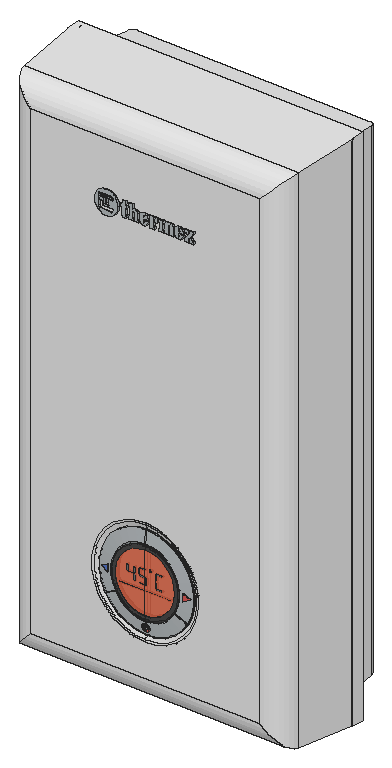
Revit family "THERMEX TOPFLOW PRO", category Оборудование, Revit 2017 (continued)
Definition of nested family "ЛОГО_TOP_FLOW_PRO_100мм"
  Forms (mm)
    Extrusion 2, solid
      sketch origin (50.234, -63.022, 0) x (1, 0, 0) y (0, 1, 0)
        loop
          spline (-66.465, 61.47) -> (-66.481, 61.261) -> (-66.525, 61.066) -> (-66.595, 60.899) -> (-66.687, 60.771) -> (-66.794, 60.69) -> (-66.909, 60.662) -> (-67.024, 60.69) -> (-67.131, 60.771) -> (-67.223, 60.899) -> (-67.293, 61.066) -> (-67.337, 61.261) -> (-67.352, 61.47)
          line (-67.352, 61.47) -> (-67.352, 67.011) -> (-66.121, 67.011) -> (-66.121, 69.254) -> (-67.357, 69.254) -> (-67.357, 72.453) -> (-69.653, 72.453) -> (-69.653, 70.28)
          arc (-69.653, 70.28) -> (-69.87, 69.705) -> (-70.413, 69.416) r 0.872
          line (-70.413, 69.416) -> (-71.657, 69.254) -> (-71.657, 67.002) -> (-70.751, 67.002) -> (-70.751, 61.47)
          arc (-70.751, 61.47) -> (-68.161, 58.88) -> (-65.571, 61.47) r 2.59
          line (-65.571, 61.47) -> (-66.465, 61.47)
        loop
          circle (-84.679, 65.559) r 10.709
        loop
          arc (-91.376, 60.802) -> (-90.868, 59.576) -> (-89.643, 59.069) r 1.733
          line (-89.643, 59.069) -> (-79.693, 59.069)
          arc (-79.693, 59.069) -> (-78.467, 59.577) -> (-77.96, 60.802) r 1.733
          line (-77.96, 60.802) -> (-77.96, 62.342) -> (-88.007, 62.342) -> (-88.007, 66.696) -> (-91.376, 66.696) -> (-91.376, 60.802)
        loop
          line (-86.682, 68.119) -> (-86.682, 63.691) -> (-82.669, 63.691) -> (-82.669, 68.119) -> (-77.951, 68.119) -> (-77.951, 70.347)
          arc (-77.951, 70.347) -> (-78.483, 71.633) -> (-79.77, 72.166) r 1.819
          line (-79.77, 72.166) -> (-89.565, 72.166)
          arc (-89.565, 72.166) -> (-90.863, 71.629) -> (-91.401, 70.331) r 1.835
          line (-91.401, 70.331) -> (-91.401, 68.119) -> (-86.682, 68.119)
        loop
          line (-79.77, 70.917) -> (-89.576, 70.917)
          arc (-89.576, 70.917) -> (-89.99, 70.745) -> (-90.162, 70.331) r 0.586
          line (-90.162, 70.331) -> (-90.162, 69.369) -> (-85.449, 69.369) -> (-85.449, 64.941) -> (-83.908, 64.941) -> (-83.908, 69.369) -> (-79.189, 69.369) -> (-79.189, 70.336)
          arc (-79.189, 70.336) -> (-79.359, 70.747) -> (-79.77, 70.917) r 0.581
        loop
          line (-51.16, 63.535) -> (-46.627, 63.535) -> (-46.627, 64.865)
          arc (-46.627, 64.865) -> (-50.666, 68.905) -> (-54.705, 64.865) r 4.039
          line (-54.705, 64.865) -> (-54.705, 62.852)
          arc (-54.705, 62.852) -> (-50.685, 58.832) -> (-46.664, 62.852) r 4.021
          line (-46.664, 62.852) -> (-49.6, 62.852)
          arc (-49.6, 62.852) -> (-49.651, 62.091) -> (-49.864, 61.358) r 3.54
          arc (-49.864, 61.358) -> (-50.509, 60.996) -> (-51.011, 61.541) r 0.597
          line (-51.011, 61.541) -> (-51.16, 63.535)
        loop
          line (-51.199, 65.329) -> (-49.758, 65.329) -> (-49.979, 66.482)
          arc (-49.979, 66.482) -> (-50.504, 66.909) -> (-51.016, 66.466) r 0.527
          line (-51.016, 66.466) -> (-51.199, 65.329)
      from -1.197 to 1
  Dimensions and locks
    plane 5 to plane 4 = 525.875 mm
    plane 6 to plane 5 = 1.00 mm
    aligned and locked: plane 2 to Extrusion 1
    aligned and locked: level to Extrusion 1
    aligned and locked: Extrusion 2 to plane 5
  Automatic sketch dimensions
    Extrusion 1 sketch curve to Extrusion 1 sketch curve = 2438.40 mm  (x2)
    Extrusion 2 sketch curve to plane 1 "По центру (Вперед/Назад)" = 5.097 mm  (x2)
    Extrusion 2 sketch curve to plane 3 "По центру (Влево/Вправо)" = 41.166 mm
    plane 1 "По центру (Вперед/Назад)" to Extrusion 2 sketch curve = 2.221 mm
    Extrusion 2 sketch curve to Extrusion 2 sketch curve = 0.025 mm
    Extrusion 2 sketch curve to Extrusion 2 sketch curve = 1.239 mm  (x3)
    Extrusion 2 sketch curve to Extrusion 2 sketch curve = 1.733 mm  (x2)
    Extrusion 2 sketch curve to Extrusion 2 sketch curve = 0.586 mm
    Extrusion 2 sketch curve to Extrusion 2 sketch curve = 0.01 mm
    plane 1 "По центру (Вперед/Назад)" to Extrusion 2 sketch curve = 0.68 mm
    Extrusion 2 sketch curve to Extrusion 2 sketch curve = 1.637 mm
    Extrusion 2 sketch curve to plane 1 "По центру (Вперед/Назад)" = 0.669 mm
    Extrusion 2 sketch curve to Extrusion 2 sketch curve = 1.325 mm
    Extrusion 2 sketch curve to Extrusion 2 sketch curve = 1.232 mm  (x2)
    Extrusion 2 sketch curve to Extrusion 2 sketch curve = 0.771 mm
    Extrusion 2 sketch curve to Extrusion 2 sketch curve = 1.541 mm
    Extrusion 2 sketch curve to Extrusion 2 sketch curve = 2.899 mm
    Extrusion 2 sketch curve to Extrusion 2 sketch curve = 0.00 mm  (x7)
    Extrusion 2 sketch curve to Extrusion 2 sketch curve = 2.977 mm
    Extrusion 2 sketch curve to Extrusion 2 sketch curve = 0.581 mm
    Extrusion 2 sketch curve to Extrusion 2 sketch curve = 6.294 mm
    Extrusion 2 sketch curve to Extrusion 2 sketch curve = 0.906 mm
    Extrusion 2 sketch curve to Extrusion 2 sketch curve = 1.132 mm
    Extrusion 2 sketch curve to plane 1 "По центру (Вперед/Назад)" = 6.393 mm
    Extrusion 2 sketch curve to Extrusion 2 sketch curve = 0.112 mm
    Extrusion 2 sketch curve to Extrusion 2 sketch curve = 0.872 mm
    Extrusion 2 sketch curve to Extrusion 2 sketch curve = 2.59 mm
    Extrusion 2 sketch curve to Extrusion 2 sketch curve = 2.297 mm
    Extrusion 2 sketch curve to Extrusion 2 sketch curve = 0.809 mm
    Extrusion 2 sketch curve to Extrusion 2 sketch curve = 0.887 mm
    Extrusion 2 sketch curve to Extrusion 2 sketch curve = 1.235 mm
    Extrusion 2 sketch curve to Extrusion 2 sketch curve = 0.811 mm
    Extrusion 2 sketch curve to Extrusion 2 sketch curve = 1.375 mm
    Extrusion 2 sketch curve to Extrusion 2 sketch curve = 0.177 mm
    Extrusion 2 sketch curve to Extrusion 2 sketch curve = 0.183 mm  (x2)
    Extrusion 2 sketch curve to Extrusion 2 sketch curve = 0.66 mm
    Extrusion 2 sketch curve to Extrusion 2 sketch curve = 3.208 mm
    Extrusion 2 sketch curve to Extrusion 2 sketch curve = 3.272 mm
    Extrusion 2 sketch curve to Extrusion 2 sketch curve = 0.451 mm
    Extrusion 2 sketch curve to Extrusion 2 sketch curve = 0.666 mm
    Extrusion 2 sketch curve to Extrusion 2 sketch curve = 0.687 mm
    Extrusion 2 sketch curve to Extrusion 2 sketch curve = 0.074 mm
    Extrusion 2 sketch curve to Extrusion 2 sketch curve = 0.411 mm  (x5)
    Extrusion 2 sketch curve to Extrusion 2 sketch curve = 0.325 mm
    plane 1 "По центру (Вперед/Назад)" to Extrusion 2 sketch curve = 1.42 mm  (x2)
    Extrusion 2 sketch curve to Extrusion 2 sketch curve = 3.192 mm
    Extrusion 2 sketch curve to Extrusion 2 sketch curve = 0.658 mm
    Extrusion 2 sketch curve to Extrusion 2 sketch curve = 0.169 mm
    Extrusion 2 sketch curve to Extrusion 2 sketch curve = 1.379 mm
    plane 1 "По центру (Вперед/Назад)" to Extrusion 2 sketch curve = 0.317 mm  (x2)
    Extrusion 2 sketch curve to Extrusion 2 sketch curve = 1.568 mm  (x2)
    Extrusion 2 sketch curve to Extrusion 2 sketch curve = 1.938 mm  (x2)
    Extrusion 2 sketch curve to plane 1 "По центру (Вперед/Назад)" = 0.513 mm  (x2)
    Extrusion 2 sketch curve to Extrusion 2 sketch curve = 0.039 mm  (x2)
    Extrusion 2 sketch curve to Extrusion 2 sketch curve = 0.184 mm
    plane 1 "По центру (Вперед/Назад)" to Extrusion 2 sketch curve = 1.482 mm  (x2)
    Extrusion 2 sketch curve to Extrusion 2 sketch curve = 0.149 mm  (x2)
    plane 1 "По центру (Вперед/Назад)" to Extrusion 2 sketch curve = 0.17 mm  (x2)
    Extrusion 2 sketch curve to Extrusion 2 sketch curve = 0.475 mm  (x2)
    Extrusion 2 sketch curve to Extrusion 2 sketch curve = 0.533 mm  (x2)
    Extrusion 2 sketch curve to Extrusion 2 sketch curve = 0.52 mm  (x2)
    Extrusion 2 sketch curve to Extrusion 2 sketch curve = 0.595 mm  (x2)
    Extrusion 2 sketch curve to plane 1 "По центру (Вперед/Назад)" = 3.459 mm
    Extrusion 2 sketch curve to Extrusion 2 sketch curve = 0.517 mm
    Extrusion 2 sketch curve to plane 1 "По центру (Вперед/Назад)" = 2.307 mm  (x2)
    Extrusion 2 sketch curve to Extrusion 2 sketch curve = 1.084 mm  (x2)
    plane 3 "По центру (Влево/Вправо)" to Extrusion 2 sketch curve = 4.406 mm  (x2)
    plane 3 "По центру (Влево/Вправо)" to Extrusion 2 sketch curve = 4.409 mm
    plane 3 "По центру (Влево/Вправо)" to Extrusion 2 sketch curve = 4.556 mm
    plane 3 "По центру (Влево/Вправо)" to Extrusion 2 sketch curve = 5.26 mm
    plane 3 "По центру (Влево/Вправо)" to Extrusion 2 sketch curve = 8.455 mm
    Extrusion 2 sketch curve to Extrusion 2 sketch curve = 3.25 mm
    Extrusion 2 sketch curve to Extrusion 2 sketch curve = 0.777 mm
    Extrusion 2 sketch curve to Extrusion 2 sketch curve = 0.797 mm  (x2)
    Extrusion 2 sketch curve to Extrusion 2 sketch curve = 1.269 mm
    Extrusion 2 sketch curve to Extrusion 2 sketch curve = 3.641 mm
    Extrusion 2 sketch curve to Extrusion 2 sketch curve = 3.634 mm
    Extrusion 2 sketch curve to Extrusion 2 sketch curve = 0.115 mm
    Extrusion 2 sketch curve to Extrusion 2 sketch curve = 0.102 mm
    Extrusion 2 sketch curve to Extrusion 2 sketch curve = 0.752 mm
    Extrusion 2 sketch curve to Extrusion 2 sketch curve = 4.045 mm
    Extrusion 2 sketch curve to Extrusion 2 sketch curve = 0.036 mm
    Extrusion 2 sketch curve to Extrusion 2 sketch curve = 0.457 mm  (x2)
    Extrusion 2 sketch curve to Extrusion 2 sketch curve = 0.65 mm  (x2)
    Extrusion 2 sketch curve to Extrusion 2 sketch curve = 0.675 mm  (x2)
    Extrusion 2 sketch curve to Extrusion 2 sketch curve = 0.051 mm  (x2)
    Extrusion 2 sketch curve to Extrusion 2 sketch curve = 0.737 mm
    Extrusion 2 sketch curve to Extrusion 2 sketch curve = 2.45 mm
    Extrusion 2 sketch curve to Extrusion 2 sketch curve = 0.481 mm
    Extrusion 2 sketch curve to Extrusion 2 sketch curve = 3.212 mm
    Extrusion 2 sketch curve to Extrusion 2 sketch curve = 0.747 mm
    Extrusion 2 sketch curve to Extrusion 2 sketch curve = 0.484 mm
    Extrusion 2 sketch curve to plane 1 "По центру (Вперед/Назад)" = 3.443 mm
    Extrusion 2 sketch curve to plane 1 "По центру (Вперед/Назад)" = 3.458 mm
    Extrusion 2 sketch curve to Extrusion 2 sketch curve = 0.026 mm
    Extrusion 2 sketch curve to Extrusion 2 sketch curve = 0.494 mm
    Extrusion 2 sketch curve to Extrusion 2 sketch curve = 0.313 mm
    Extrusion 2 sketch curve to Extrusion 2 sketch curve = 0.845 mm
    Extrusion 2 sketch curve to plane 1 "По центру (Вперед/Назад)" = 3.383 mm
    Extrusion 2 sketch curve to Extrusion 2 sketch curve = 0.727 mm
    plane 1 "По центру (Вперед/Назад)" to Extrusion 2 sketch curve = 1.408 mm
    Extrusion 2 sketch curve to Extrusion 2 sketch curve = 0.91 mm
    Extrusion 2 sketch curve to plane 1 "По центру (Вперед/Назад)" = 0.838 mm  (x2)
    Extrusion 2 sketch curve to Extrusion 2 sketch curve = 1.738 mm
    Extrusion 2 sketch curve to Extrusion 2 sketch curve = 2.808 mm
    plane 1 "По центру (Вперед/Назад)" to Extrusion 2 sketch curve = 1.185 mm
    Extrusion 2 sketch curve to Extrusion 2 sketch curve = 0.217 mm
    plane 1 "По центру (Вперед/Назад)" to Extrusion 2 sketch curve = 2.059 mm
    Extrusion 2 sketch curve to Extrusion 2 sketch curve = 4.283 mm
    Extrusion 2 sketch curve to plane 1 "По центру (Вперед/Назад)" = 2.986 mm
    Extrusion 2 sketch curve to Extrusion 2 sketch curve = 0.189 mm
    Extrusion 2 sketch curve to plane 1 "По центру (Вперед/Назад)" = 3.852 mm
    Extrusion 2 sketch curve to Extrusion 2 sketch curve = 1.41 mm
    Extrusion 2 sketch curve to plane 1 "По центру (Вперед/Назад)" = 2.969 mm
    Extrusion 2 sketch curve to Extrusion 2 sketch curve = 1.331 mm
    Extrusion 2 sketch curve to Extrusion 2 sketch curve = 1.772 mm
    Extrusion 2 sketch curve to Extrusion 2 sketch curve = 1.173 mm
    Extrusion 2 sketch curve to Extrusion 2 sketch curve = 0.941 mm
    Extrusion 2 sketch curve to plane 1 "По центру (Вперед/Назад)" = 1.864 mm
    plane 1 "По центру (Вперед/Назад)" to Extrusion 2 sketch curve = 0.276 mm
    plane 1 "По центру (Вперед/Назад)" to Extrusion 2 sketch curve = 4.185 mm  (x2)
    Extrusion 2 sketch curve to Extrusion 2 sketch curve = 4.015 mm
    Extrusion 2 sketch curve to Extrusion 2 sketch curve = 2.088 mm
    Extrusion 2 sketch curve to Extrusion 2 sketch curve = 2.13 mm
    plane 1 "По центру (Вперед/Назад)" to Extrusion 2 sketch curve = 2.091 mm
    plane 1 "По центру (Вперед/Назад)" to Extrusion 2 sketch curve = 2.083 mm
    plane 1 "По центру (Вперед/Назад)" to Extrusion 2 sketch curve = 2.055 mm  (x2)
    Extrusion 2 sketch curve to Extrusion 2 sketch curve = 1.885 mm
    plane 1 "По центру (Вперед/Назад)" to Extrusion 2 sketch curve = 2.05 mm
    plane 1 "По центру (Вперед/Назад)" to Extrusion 2 sketch curve = 2.048 mm  (x2)
    Extrusion 2 sketch curve to Extrusion 2 sketch curve = 0.008 mm
    Extrusion 2 sketch curve to Extrusion 2 sketch curve = 0.007 mm  (x2)
    Extrusion 2 sketch curve to Extrusion 2 sketch curve = 0.03 mm
    Extrusion 2 sketch curve to Extrusion 2 sketch curve = 0.503 mm
    Extrusion 2 sketch curve to plane 1 "По центру (Вперед/Назад)" = 1.843 mm
    Extrusion 2 sketch curve to Extrusion 2 sketch curve = 0.464 mm
    Extrusion 2 sketch curve to Extrusion 2 sketch curve = 1.25 mm  (x2)
    Extrusion 2 sketch curve to plane 1 "По центру (Вперед/Назад)" = 2.522 mm
    Extrusion 2 sketch curve to Extrusion 2 sketch curve = 0.619 mm
    Extrusion 2 sketch curve to plane 1 "По центру (Вперед/Назад)" = 2.671 mm
    Extrusion 2 sketch curve to plane 1 "По центру (Вперед/Назад)" = 2.809 mm
    Extrusion 2 sketch curve to plane 1 "По центру (Вперед/Назад)" = 3.018 mm
    Extrusion 2 sketch curve to Extrusion 2 sketch curve = 0.227 mm
    Extrusion 2 sketch curve to Extrusion 2 sketch curve = 0.365 mm
    Extrusion 2 sketch curve to Extrusion 2 sketch curve = 0.06 mm
    Extrusion 2 sketch curve to plane 1 "По центру (Вперед/Назад)" = 3.098 mm
    Extrusion 2 sketch curve to Extrusion 2 sketch curve = 1.423 mm
    Extrusion 2 sketch curve to Extrusion 2 sketch curve = 0.015 mm
    Extrusion 2 sketch curve to Extrusion 2 sketch curve = 2.252 mm
    Extrusion 2 sketch curve to plane 1 "По центру (Вперед/Назад)" = 3.989 mm
    Extrusion 2 sketch curve to Extrusion 2 sketch curve = 2.413 mm
    Extrusion 2 sketch curve to Extrusion 2 sketch curve = 1.984 mm
    Extrusion 2 sketch curve to Extrusion 2 sketch curve = 1.366 mm
    Extrusion 2 sketch curve to Extrusion 2 sketch curve = 1.992 mm  (x2)
    Extrusion 2 sketch curve to Extrusion 2 sketch curve = 0.785 mm
    Extrusion 2 sketch curve to Extrusion 2 sketch curve = 2.243 mm
    Extrusion 2 sketch curve to Extrusion 2 sketch curve = 0.497 mm
    Extrusion 2 sketch curve to Extrusion 2 sketch curve = 0.962 mm
    Extrusion 2 sketch curve to Extrusion 2 sketch curve = 2.083 mm
    Extrusion 2 sketch curve to Extrusion 2 sketch curve = 2.173 mm
    radius of Extrusion 2 sketch curve = 10.709 mm
Definition of nested family "РезьбаCоCбегами_Наруж_TOP_FLOW_PRO"
  Parameters (values of type "1/2" х 4")
    Погружение = 0.50 mm  # constant formula
    Default Elevation = 0.00 mm
    Z = 5
    TM_body = none
    P = 1.814 mm
    L = Z * P + P * 1.5  # 11.791 mm
    H = P * 0.96049  # 1.742 mm
    D2/2 = D2 / 2  # 9.896 mm
    D2 = 19.793 mm
    1/2P = P / 2  # 0.907 mm
  Reference planes
    plane 1 "По центру (Вперед/Назад)": y = 0
    plane 2: z = 0
    plane 3 "По центру (Влево/Вправо)": x = 0
    plane 4: x = -9.896
    plane 5 "1": z = -12.291
    plane 6 "2": z = -11.384
    plane 7: x = 9.897
    plane 8: x = -9.025
    plane 9: x = -10.768
    plane 10: x = 9.025
    plane 11: x = 10.768
    plane 12 "3": z = -10.477
    plane 13 "4": z = -9.57
    plane 14 "3A": z = -2.314
    plane 15 "2A": z = -1.407
    plane 16 "1A": z = -0.5
  Forms (mm)
    Extrusion 1, solid
      sketch origin (0, 0, 0) x (1, 0, 0) y (0, 1, 0)
        loop
          line (-1219.2, 1219.2) -> (-1219.2, -1219.2) -> (1219.2, -1219.2) -> (1219.2, 1219.2) -> (-1219.2, 1219.2)
      from 0 to -304.8
    SweptBlend 2, solid, material <- "TM_body"
      path origin (0, 0, -12.291) x (-1, 0, 0) y (0, -1, 0)
        loop
          arc (9.896, 0) -> (0, 9.897) -> (-9.897, 0) r 9.896
      profile origin (-9.896, 0, -12.291) x (1, 0, 0) y (0, 0, 1)
        loop
          line (0.871, 0.907) -> (0, 0) -> (0.871, 0) -> (0.871, 0.907)
      end profile origin (9.897, 0, -12.291) x (-1, 0, 0) y (0, 0, 1)
        loop
          line (0.871, 1.814) -> (-0.871, 0.907) -> (0.871, 0) -> (0.871, 1.814)
    SweptBlend 3, solid, material <- "TM_body"
      path origin (0, 0, -11.384) x (-1, 0, 0) y (0, -1, 0)
        loop
          arc (-9.897, 0) -> (0, -9.896) -> (9.896, 0) r 9.896
      profile origin (9.897, 0, -11.384) x (-1, 0, 0) y (0, 0, 1)
        loop
          line (0.871, 0.907) -> (-0.871, 0) -> (0.871, -0.907) -> (0.871, 0.907)
      end profile origin (-9.896, 0, -11.384) x (1, 0, 0) y (0, 0, 1)
        loop
          line (0.871, 1.814) -> (-0.871, 0.907) -> (0.871, 0) -> (0.871, 1.814)
    SweptBlend 4, solid, material <- "TM_body"
      path origin (0, 0, -0.5) x (-1, 0, 0) y (0, -1, 0)
        loop
          arc (-9.897, 0) -> (0, 9.897) -> (9.896, 0) r 9.896
      profile origin (9.897, 0, -0.5) x (1, 0, 0) y (0, 0, 1)
        loop
          line (-0.871, 0) -> (-0.871, -0.907) -> (0, 0) -> (-0.871, 0)
      end profile origin (-9.896, 0, -0.5) x (-1, 0, 0) y (0, 0, 1)
        loop
          line (-0.871, 0) -> (-0.871, -1.814) -> (0.871, -0.907) -> (-0.871, 0)
  Dimensions and locks
    equal spacing: plane 7, plane 3 "По центру (Влево/Вправо)", plane 4
    "D2": plane 7 to plane 4
    equal spacing: plane 8, plane 4, plane 9
    "H": plane 8 to plane 9
    equal spacing: plane 10, plane 3 "По центру (Влево/Вправо)", plane 8
    equal spacing: plane 11, plane 3 "По центру (Влево/Вправо)", plane 9
    "1/2P": plane 6 "2" to plane 5 "1"
    "1/2P": plane 16 "1A" to plane 15 "2A"
    "L": plane 16 "1A" to plane 5 "1"
    equal spacing: plane 16 "1A", plane 15 "2A", plane 14 "3A"
    equal spacing: plane 13 "4", plane 12 "3", plane 6 "2", plane 5 "1"
    equal spacing: group 1, group 2, group 3, group 4, group 5  (x3)
    "P": nested 2 to plane 12 "3"
    "Погружение": plane 2 to plane 16 "1A"
    "D2/2": radius of SweptBlend 3 sketch curve
    "D2/2": radius of SweptBlend 2 sketch curve
    "D2/2": radius of SweptBlend 4 sketch curve
    aligned and locked: plane 2 to Extrusion 1
    aligned and locked: level to Extrusion 1
    aligned and locked: plane 1 "По центру (Вперед/Назад)" to SweptBlend 2 sketch curve  (x2)
    aligned and locked: plane 7 to SweptBlend 2 sketch curve
    aligned and locked: plane 8 to SweptBlend 2 sketch curve
    aligned and locked: plane 6 "2" to SweptBlend 2 sketch curve  (x2)
    aligned and locked: plane 10 to SweptBlend 2 sketch curve
    aligned and locked: plane 12 "3" to SweptBlend 2 sketch curve
    aligned and locked: plane 11 to SweptBlend 2 sketch curve
    aligned and locked: SweptBlend 3 sketch curve to SweptBlend 2  (x4)
    aligned and locked: SweptBlend 2 to SweptBlend 3 sketch curve
    aligned and locked: plane 1 "По центру (Вперед/Назад)" to SweptBlend 3 sketch curve
    aligned and locked: plane 4 to SweptBlend 3 sketch curve
    aligned and locked: plane 8 to SweptBlend 3 sketch curve
    aligned and locked: plane 6 "2" to SweptBlend 3 sketch curve
    aligned and locked: plane 13 "4" to SweptBlend 3 sketch curve
    aligned and locked: SweptBlend 3 sketch curve to plane 9
    aligned and locked: plane 12 "3" to SweptBlend 3 sketch curve
    aligned and locked: plane 5 "1" to SweptBlend 2 sketch curve  (x2)
    aligned and locked: plane 3 "По центру (Влево/Вправо)" to SweptBlend 4 sketch curve
    aligned and locked: plane 1 "По центру (Вперед/Назад)" to SweptBlend 4 sketch curve  (x3)
    aligned and locked: plane 8 to SweptBlend 4 sketch curve
    aligned and locked: plane 14 "3A" to SweptBlend 4 sketch curve
    aligned and locked: plane 16 "1A" to SweptBlend 4 sketch curve  (x3)
    aligned and locked: SweptBlend 4 sketch curve to plane 9
    aligned and locked: plane 15 "2A" to SweptBlend 4 sketch curve  (x2)
    aligned and locked: plane 10 to SweptBlend 4 sketch curve
    aligned and locked: plane 7 to SweptBlend 4 sketch curve
    aligned and locked: plane 1 "По центру (Вперед/Назад)" to nested 1
    aligned and locked: plane 3 "По центру (Влево/Вправо)" to nested 1
    aligned and locked: plane 12 "3" to nested 1
  Automatic sketch dimensions
    Extrusion 1 sketch curve to Extrusion 1 sketch curve = 2438.40 mm  (x2)
    profile plane to SweptBlend 2 sketch curve = 0.00 mm
  Nested families
    nested 1: "НиткиРезьбы_для_РезьбаСоСбегами_Наруж_TOP_FLOW_PRO" at (0, 0, -9.57), type "НиткиРезьбы_для_РезьбаСоСбегами_Наруж_TOP_FLOW_PRO"
    nested 2: "НиткиРезьбы_для_РезьбаСоСбегами_Наруж_TOP_FLOW_PRO" at (0, 0, -7.756), type "НиткиРезьбы_для_РезьбаСоСбегами_Наруж_TOP_FLOW_PRO"
    nested 3: "НиткиРезьбы_для_РезьбаСоСбегами_Наруж_TOP_FLOW_PRO" at (0, 0, -5.942), type "НиткиРезьбы_для_РезьбаСоСбегами_Наруж_TOP_FLOW_PRO"
    nested 4: "НиткиРезьбы_для_РезьбаСоСбегами_Наруж_TOP_FLOW_PRO" at (0, 0, -4.128), type "НиткиРезьбы_для_РезьбаСоСбегами_Наруж_TOP_FLOW_PRO"
    nested 5: "НиткиРезьбы_для_РезьбаСоСбегами_Наруж_TOP_FLOW_PRO" at (0, 0, -2.314), type "НиткиРезьбы_для_РезьбаСоСбегами_Наруж_TOP_FLOW_PRO"
  Definition of nested family "НиткиРезьбы_для_РезьбаСоСбегами_Наруж_TOP_FLOW_PRO"
    Parameters (values of type "НиткиРезьбы_для_РезьбаСоСбегами_Наруж_IBL")
      Шаг = 1.814 mm
      Профиль = Шаг * 0.96049  # 1.742 mm
      ПолШага = Шаг / 2  # 0.907 mm
      ПолД2 = Д2 / 2  # 9.896 mm
      Д2 = 19.793 mm
      TM_body = none
    Reference planes
      plane 1 "По центру (Вперед/Назад)": y = 0
      plane 2 "3": z = 0
      plane 3 "По центру (Влево/Вправо)": x = 0
      plane 4 "2": z = -0.907
      plane 5 "1": z = -1.814
      plane 6 "4": z = 0.907
      plane 7 "5": z = 1.814
      plane 8: x = -9.896
      plane 9: x = 9.896
      plane 10: x = -10.768
      plane 11: x = -9.025
      plane 12: x = 9.025
      plane 13: x = 10.768
    Forms (mm)
      SweptBlend 1, solid, material <- "TM_body"
        path origin (0, 0, -1.814) x (-1, 0, 0) y (0, -1, 0)
          loop
            arc (9.897, 0) -> (0, 9.897) -> (-9.897, 0) r 9.897
        profile origin (-9.897, 0, -1.814) x (1, 0, 0) y (0, 0, 1)
          loop
            line (0.871, 1.814) -> (-0.871, 0.907) -> (0.871, 0) -> (0.871, 1.814)
        end profile origin (9.896, 0, -1.814) x (-1, 0, 0) y (0, 0, 1)
          loop
            line (0.871, 2.721) -> (-0.871, 1.814) -> (0.871, 0.907) -> (0.871, 2.721)
      SweptBlend 2, solid, material <- "TM_body"
        path origin (0, 0, -0.907) x (-1, 0, 0) y (0, -1, 0)
          loop
            arc (-9.896, 0) -> (0, -9.896) -> (9.896, 0) r 9.896
        profile origin (9.896, 0, -0.907) x (-1, 0, 0) y (0, 0, 1)
          loop
            line (0.871, 1.814) -> (-0.871, 0.907) -> (0.871, 0) -> (0.871, 1.814)
        end profile origin (-9.897, 0, -0.907) x (1, 0, 0) y (0, 0, 1)
          loop
            line (0.871, 2.721) -> (-0.871, 1.814) -> (0.871, 0.907) -> (0.871, 2.721)
    Dimensions and locks
      equal spacing: plane 7 "5", plane 6 "4", plane 2 "3", plane 4 "2", plane 5 "1"
      "ПолШага": plane 4 "2" to plane 5 "1"
      equal spacing: plane 9, plane 3 "По центру (Влево/Вправо)", plane 8
      "Д2": plane 9 to plane 8
      equal spacing: plane 11, plane 8, plane 10
      equal spacing: plane 13, plane 9, plane 12
      "Профиль": plane 11 to plane 10
      "Профиль": plane 13 to plane 12
      "ПолД2": radius of SweptBlend 2 sketch curve
      aligned and locked: level to plane 2 "3"
      aligned and locked: plane 1 "По центру (Вперед/Назад)" to SweptBlend 1 sketch curve  (x3)
      aligned and locked: plane 3 "По центру (Влево/Вправо)" to SweptBlend 1 sketch curve
      aligned and locked: plane 8 to SweptBlend 1 sketch curve
      aligned and locked: SweptBlend 1 sketch curve to plane 11
      aligned and locked: plane 2 "3" to SweptBlend 1 sketch curve  (x2)
      aligned and locked: plane 5 "1" to SweptBlend 1 sketch curve
      aligned and locked: plane 10 to SweptBlend 1 sketch curve
      aligned and locked: plane 4 "2" to SweptBlend 1 sketch curve  (x2)
      aligned and locked: SweptBlend 1 sketch curve to plane 12
      aligned and locked: plane 6 "4" to SweptBlend 1 sketch curve
      aligned and locked: plane 13 to SweptBlend 1 sketch curve
      aligned and locked: SweptBlend 2 sketch curve to SweptBlend 1
      aligned and locked: SweptBlend 1 to SweptBlend 2 sketch curve
      aligned and locked: plane 3 "По центру (Влево/Вправо)" to SweptBlend 2 sketch curve
      aligned and locked: plane 1 "По центру (Вперед/Назад)" to SweptBlend 2 sketch curve
      aligned and locked: SweptBlend 2 sketch curve to plane 12
      aligned and locked: plane 4 "2" to SweptBlend 2 sketch curve
      aligned and locked: plane 6 "4" to SweptBlend 2 sketch curve  (x2)
      aligned and locked: plane 13 to SweptBlend 2 sketch curve
      aligned and locked: plane 2 "3" to SweptBlend 2 sketch curve  (x2)
      aligned and locked: SweptBlend 2 sketch curve to plane 11
      aligned and locked: plane 7 "5" to SweptBlend 2 sketch curve
      aligned and locked: plane 10 to SweptBlend 2 sketch curve
